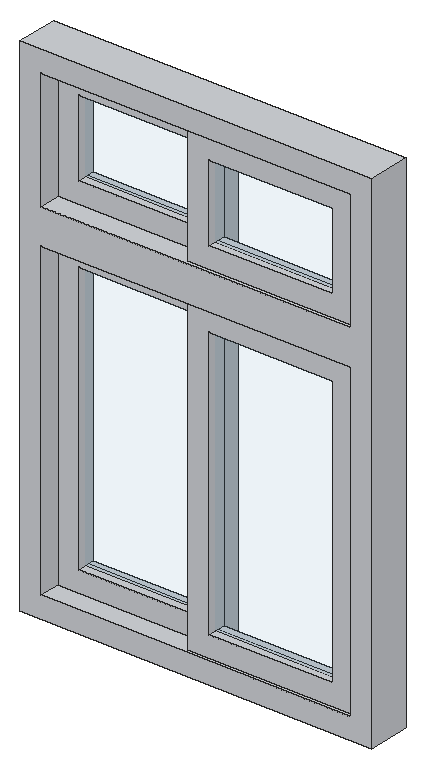
Revit family "W8_W9_W9B_W10_鋁窗", category 窗, Revit 2014
Parameters (values of type "100 x 145 cm")
  熱阻 (R) = 0.271106 (m²·K)/W
  Visual Light Transmittance = 0.9
  Solar Heat Gain Coefficient = 0.78
  營造類型 Id = "GSP4R"
  Height = 1450 mm
  傳熱係數 (U) = 3.6886 W/(m²·K)
  預設窗台高度 = 900 mm
  關鍵註記 = "雙開窗-有氣窗"
  Rough Height = Height  # 1450 mm
  Rough Width = Width  # 1000 mm
  裝飾外框寬度 = 60 mm
  玻璃材質 = 玻璃
  牆封閉 = 依主體
  裝飾外框材料 = none
  裝飾外框厚度 = 120 mm
  Width = 1000 mm
  操作 = "垂直雙重面板"
  內部框架材料 = none
  內框寬度 = 60 mm
  內框厚度 = 50 mm
  中樘寬度 = 100 mm
  下窗高度 = 890 mm
  解析營造 = "1/8 英吋 Pilkington 單層鑲嵌玻璃"
Types (3, lengths in mm): name | 預設窗台高度 | Rough Width | Width
  100 x 145 cm | 900 | 1000 | 1000
  150 x 145 cm | 750 | 1500 | 1500
  120 x 145 cm | 750 | 1200 | 1200
Reference planes
  plane 1: y = -180
  plane 2 "中心 (左/右)": x = 0
  plane 3 "左": x = -500
  plane 4 "右": x = 500
  plane 5 "窗台": z = 900
  plane 6 "窗頂": z = 2350
  plane 7 "外部": y = -105
  plane 8 "內部": y = -255
  plane 9: x = -30
  plane 10: x = 30
  plane 11: y = -120
  plane 12: y = -240
  plane 13: x = -440
  plane 14: x = 440
  plane 15: z = 2290
  plane 16: z = 960
  plane 17: z = 1850
  plane 18: z = 1950
Forms (mm)
  Extrusion 1, solid, material <- "裝飾外框材料"
    sketch origin (0, -180, 0) x (1, 0, 0) y (0, 0, 1)
      loop
        line (-500, 2350) -> (-500, 900) -> (500, 900) -> (500, 2350) -> (-500, 2350)
      loop
        line (-440, 2290) -> (-440, 1950) -> (440, 1950) -> (440, 2290) -> (-440, 2290)
      loop
        line (-440, 960) -> (440, 960) -> (440, 1850) -> (-440, 1850) -> (-440, 960)
    from 60 to -60
Lines and regions (mm)
  Opening 1
    outline origin (3442.648, -255, 0) x (1, 0, 0) y (0, 0, 1)
      loop
        line (-2942.648, 900) -> (-2942.648, 2350) -> (-3942.648, 2350) -> (-3942.648, 900) -> (-2942.648, 900)
Text (mm)
  text "外部" at (-1963.203, 1332.353, 0), in view "參考樓層"
  text "內部" at (-1981.466, -818.386, 0), in view "參考樓層"
  text "外部" at (0, 923.751, 2943.296), in view "右"
  text "外部" at (0, 1040.484, 2685.409), in view "左"
Dimensions and locks
  equal spacing: plane 3 "左", plane 2 "中心 (左/右)", plane 4 "右"
  "Width": plane 3 "左" to plane 4 "右"
  "Height": plane 5 "窗台" to plane 6 "窗頂"
  "預設窗台高度": plane 5 "窗台" to level
  locked: plane 7 "外部" to host wall at 0
  locked: plane 8 "內部" to host wall
  equal spacing: plane 9, plane 2 "中心 (左/右)", plane 10
  "內框寬度": plane 9 to plane 10
  equal spacing: plane 11, plane 1, plane 12
  "裝飾外框厚度": plane 11 to plane 12
  "裝飾外框寬度": plane 6 "窗頂" to plane 15
  "裝飾外框寬度": plane 16 to plane 5 "窗台"
  "裝飾外框寬度": plane 3 "左" to plane 13
  "裝飾外框寬度": plane 14 to plane 4 "右"
  "中樘寬度": plane 17 to plane 18
  "下窗高度": plane 16 to plane 17
  aligned and locked: plane 1 to nested 1
  aligned and locked: plane 1 to nested 2
  aligned and locked: nested 1 to plane 10
  aligned and locked: nested 2 to plane 9
  aligned and locked: plane 1 to host wall
  aligned and locked: host wall to Extrusion 1 sketch curve
  aligned and locked: Extrusion 1 sketch curve to host wall  (x3)
  aligned and locked: Opening 1 sketch curve to plane 6 "窗頂"
  aligned and locked: Opening 1 sketch curve to plane 4 "右"
  aligned and locked: Opening 1 sketch curve to plane 5 "窗台"
  aligned and locked: Opening 1 sketch curve to plane 3 "左"
  aligned and locked: Extrusion 1 sketch curve to plane 15
  aligned and locked: plane 13 to Extrusion 1 sketch curve
  aligned and locked: Extrusion 1 sketch curve to plane 14
  aligned and locked: plane 16 to Extrusion 1 sketch curve
  aligned and locked: plane 16 to nested 2
  aligned and locked: nested 1 to plane 16
  aligned and locked: nested 1 to plane 13
  aligned and locked: plane 14 to nested 2
  aligned and locked: plane 11 to Extrusion 1
  aligned and locked: Extrusion 1 to plane 12
  aligned and locked: plane 17 to Extrusion 1 sketch curve
  aligned and locked: plane 18 to Extrusion 1 sketch curve
  aligned and locked: nested 1 to plane 17
  aligned and locked: plane 17 to nested 2
  aligned and locked: nested 3 to plane 15
  aligned and locked: plane 15 to nested 4
  aligned and locked: nested 3 to plane 18
  aligned and locked: plane 18 to nested 4
  aligned and locked: nested 3 to plane 13
  aligned and locked: plane 14 to nested 4
  aligned and locked: nested 3 to plane 10
  aligned and locked: plane 9 to nested 4
Automatic sketch dimensions
  Extrusion 1 sketch curve to plane 14 = 0 mm
  Extrusion 1 sketch curve to plane 13 = 0 mm
Nested families
  nested 1: "窗框" at (-472.428, -1099.367, -40), type "窗框"
    with Height 890 mm, Width 470 mm
  nested 2: "窗框" at (-62.428, 739.367, -40), type "窗框"
    with Height 890 mm, Width 470 mm
  nested 3: "窗框" at (-472.428, -1099.367, 950), type "窗框"
    with Height 340 mm, Width 470 mm
  nested 4: "窗框" at (-62.428, 739.367, 950), type "窗框"
    with Height 340 mm, Width 470 mm
Definition of nested family "窗框"
  Parameters (values of type "窗框")
    Height [instance] = 500 mm
    護桿寬度 = 20 mm
    護桿厚度 = 10 mm
    Analytic Construction = "<無>"
    Rough Height = 500 mm
    Rough Width = 600 mm
    Width [instance] = 600 mm
    裝飾外框材料 = none
    玻璃材質 = 玻璃
    玻璃厚度 = 10 mm
    裝飾外框寬度 = 60 mm
    裝飾外框厚度 = 50 mm
    Assembly Code = ""
  Reference planes
    plane 1 "中心 (前/後)": y = -919.367
    plane 2: z = 0
    plane 3 "中心 (左/右)": x = 267.428
    plane 4 "玻璃-上": y = -939.367
    plane 5 "玻璃-下": y = -949.367
    plane 6: y = -969.367
    plane 7: x = -32.572
    plane 8: x = 567.428
    plane 9: x = 27.428
    plane 10: x = 507.428
    plane 11: z = 1440
    plane 12: z = 1500
    plane 13: z = 1060
    plane 14: z = 1000
    plane 15: y = -944.367
  Forms (mm)
    Extrusion 1, solid, material "玻璃" <- "玻璃材質"
      sketch origin (-1499.274, -944.367, 1200) x (-1, 0, 0) y (0, 0, 1)
        loop
          line (-1526.702, 240) -> (-2006.702, 240) -> (-2006.702, -140) -> (-1526.702, -140) -> (-1526.702, 240)
      from -5 to 5
    Extrusion 2, solid, material <- "裝飾外框材料"
      sketch origin (-1499.274, -944.367, 1200) x (-1, 0, 0) y (0, 0, 1)
        loop
          line (-1466.702, 300) -> (-2066.702, 300) -> (-2066.702, -200) -> (-1466.702, -200) -> (-1466.702, 300)
        loop
          line (-1526.702, 240) -> (-2006.702, 240) -> (-2006.702, -140) -> (-1526.702, -140) -> (-1526.702, 240)
      from -25 to 25
  Dimensions and locks
    equal spacing: plane 10, plane 3 "中心 (左/右)", plane 9
    "裝飾外框寬度": plane 8 to plane 10
    "裝飾外框寬度": plane 9 to plane 7
    "裝飾外框寬度": plane 12 to plane 11
    "Width": plane 8 to plane 7
    "裝飾外框寬度": plane 13 to plane 14
    "Height": plane 12 to plane 14
    plane 14 to level = 1000 mm
    equal spacing: plane 4 "玻璃-上", plane 15, plane 5 "玻璃-下"
    "玻璃厚度": plane 4 "玻璃-上" to plane 5 "玻璃-下"
    equal spacing: plane 6, plane 15, plane 1 "中心 (前/後)"
    "裝飾外框厚度": plane 6 to plane 1 "中心 (前/後)"
    aligned and locked: Extrusion 1 sketch curve to plane 11
    aligned and locked: plane 9 to Extrusion 1 sketch curve
    aligned and locked: Extrusion 1 sketch curve to plane 10
    aligned and locked: plane 13 to Extrusion 1 sketch curve
    aligned and locked: plane 7 to Extrusion 2 sketch curve
    aligned and locked: Extrusion 2 sketch curve to plane 12
    aligned and locked: Extrusion 2 sketch curve to plane 8
    aligned and locked: plane 9 to Extrusion 2 sketch curve
    aligned and locked: plane 13 to Extrusion 2 sketch curve
    aligned and locked: Extrusion 2 sketch curve to plane 10
    aligned and locked: Extrusion 2 sketch curve to plane 11
    aligned and locked: Extrusion 2 sketch curve to plane 14
    aligned and locked: plane 2 to level
    aligned and locked: plane 6 to Extrusion 2
    aligned and locked: plane 1 "中心 (前/後)" to Extrusion 2
    aligned and locked: plane 5 "玻璃-下" to Extrusion 1
    aligned and locked: plane 4 "玻璃-上" to Extrusion 1
